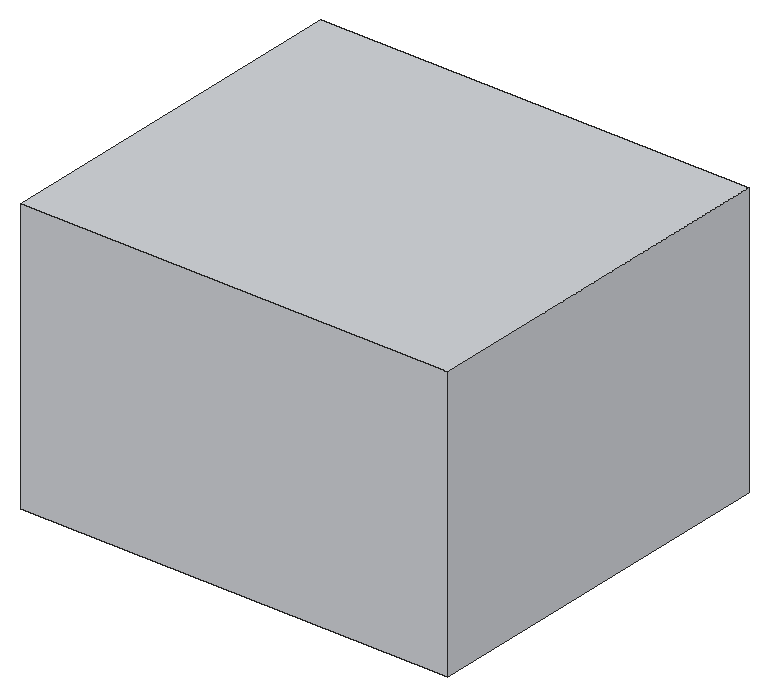
Revit family "Mechanical Shaft", category Generic Models, Revit 2018
Family settings
  Can host rebar = No
  Round Connector Dimension = Use Diameter
  Part Type = Normal
  Work Plane-Based = No
  Always vertical = Yes
  Cut with Voids When Loaded = No
  Shared = No
  Room Calculation Point = No
Parameters
  Shaft Width [instance] = 3' - 1 1/2"
  Shaft Length [instance] = 2' - 9"
Reference planes (in)
  plane 1 "Center (Front/Back)": y = 0
  plane 2: z = 0
  plane 3 "Center (Left/Right)": x = 0
Forms (in)
  Extrusion 1, solid
    sketch origin (0, 0, 0) x (1, 0, 0) y (0, 1, 0)
      loop
        line (-37.5, 33) -> (-37.5, -33) -> (37.5, -33) -> (37.5, 33) -> (-37.5, 33)
    from 0 to 48
Dimensions and locks (in)
  "Shaft Length": Extrusion 1 sketch curve to plane 1 "Center (Front/Back)" to Extrusion 1 sketch curve
  "Shaft Width": Extrusion 1 sketch curve to plane 3 "Center (Left/Right)" to Extrusion 1 sketch curve
  aligned and locked: plane 2 to level
Automatic sketch dimensions
  Extrusion 1 sketch curve to plane 3 "Center (Left/Right)" = 3' - 1 1/2"
  plane 1 "Center (Front/Back)" to Extrusion 1 sketch curve = 2' - 9"
